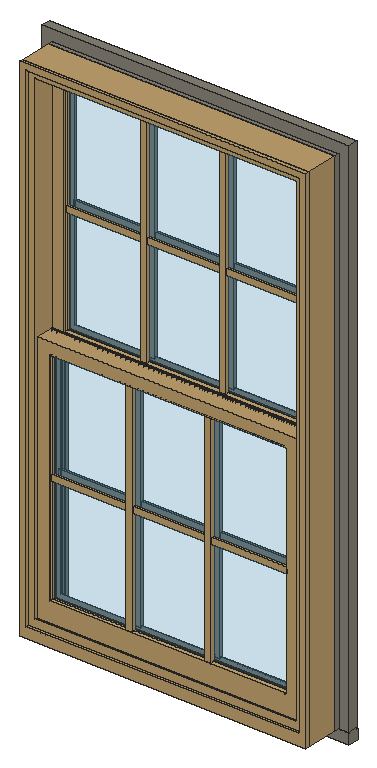
Revit family
Parameters (values of type "CUDH-NG3028")
  Window Type = "Clad Ultimate Double Hung-NG"
  Void Offset_S = if(Subsill A217 Visibility, 0' 1 11/32", if(Subsill A246 Visibility, 0' 0 9/16", 0' 0"))  # 0' - 1 11/32"
  Void Offset = if(Flat Casing Visibility, 0' 3", if(BMC Visibility, 0' 1 5/16", 0' 0"))  # 0' - 1 5/16"
  URL = "www.marvin.com"
  Subsill Height = if(Subsill A217 Visibility, 0' 1 11/32", 0' 0 9/16")  # 0' - 1 11/32"
  Subsill A246 Visibility = and(Subsill Visibility, Subsill A246)  # no
  Subsill A217 Visibility = and(Subsill Visibility, Subsill A217)  # yes
  Rough Width = Width + 0' 1"  # 3' - 0 1/4"
  Rough Height = Height + 0' 0 1/2"  # 5' - 4"
  Prairie Corner Width = 0' - 4"
  Prairie Corner Height = 0' - 4"
  Nominal Width = 3' - 0"
  Nominal Height = 5' - 4"
  Muntins Interior Top Sash = yes
  Muntins Interior Material = Wood-Marvin-Pine
  Muntins Interior Bottom Sash = yes
  Muntins Exterior Top Sash = yes
  Muntins Exterior Material = Aluminum-Marvin-Bronze
  Muntins Exterior Bottom Sash = yes
  Model = "CUDH-NG3028"
  Manufacturer = "Marvin Windows and Doors"
  Lites Wide Top Sash = 3
  Lites Wide Bottom Sash = 3
  Lites High Top Sash = 2
  Lites High Bottom Sash = 2
  Lite Cut Prairie 9 = no
  Lite Cut HV Grid = not(Lite Cut Prairie 9)  # yes
  Interior Material = Wood-Marvin-Pine
  Frame = "Aluminum Clad"
  Flat Casing Visibility = and(Casing Visibility, Flat Casing)  # no
  Egress Window = "Yes"
  Egress Area = Clear Opening Width * Clear Opening Height  # 5.85311 SF
  Clear Opening Width = DLO Width + 0' 2 29/32"  # 2' - 7 21/32"
  Clear Opening Height = if(and(Nominal Width > 4' 6", Nominal Height > 6' 0"), DLO Height - 0' 1 11/16", if(and(Nominal Width > 4' 6", Nominal Height > 3' 4"), DLO Height - 0' 0 3/8", if(Nominal Width > 4' 6", DLO Height - 0' 0 1/8", if(and(Nominal Width > 4' 2", Nominal Height > 6' 8"), DLO Height - 0' 1 11/16", if(and(Nominal Width > 4' 2", Nominal Height > 3' 8"), DLO Height - 0' 0 3/8", if(Nominal Width > 4' 2", DLO Height - 0' 0 1/8", if(and(Nominal Width > 3' 10", Nominal Height > 7' 4"), DLO Height - 0' 1 11/16", if(and(Nominal Width > 3' 10", Nominal Height > 4' 0"), DLO Height - 0' 0 3/8", if(Nominal Width > 3' 10", DLO Height - 0' 0 1/8", if(and(Nominal Width > 3' 6", Nominal Height > 7' 8"), DLO Height - 0' 1 11/16", if(and(Nominal Width > 3' 6", Nominal Height > 4' 8"), DLO Height - 0' 0 3/8", if(Nominal Width > 3' 6", DLO Height - 0' 0 1/8", if(and(Nominal Width > 3' 2", Nominal Height > 7' 8"), DLO Height - 0' 1 11/16", if(and(Nominal Width > 3' 2", Nominal Height > 5' 0"), DLO Height - 0' 0 3/8", if(Nominal Width > 3' 2", DLO Height - 0' 0 1/8", if(and(Nominal Width > 3' 0", Nominal Height > 9' 0"), DLO Height - 0' 1 11/16", if(and(Nominal Width > 3' 0", Nominal Height > 5' 8"), DLO Height - 0' 0 3/8", if(Nominal Width > 3' 0", DLO Height - 0' 0 1/8", if(and(Nominal Width > 2' 10", Nominal Height > 6' 0"), DLO Height - 0' 0 3/8", if(Nominal Width > 2' 10", DLO Height - 0' 0 1/8", if(and(Nominal Width > 2' 8", Nominal Height > 6' 4"), DLO Height - 0' 0 3/8", if(Nominal Width > 2' 8", DLO Height - 0' 0 1/8", if(and(Nominal Width > 2' 6", Nominal Height > 6' 8"), DLO Height - 0' 0 3/8", if(Nominal Width > 2' 6", DLO Height - 0' 0 1/8", if(and(Nominal Width > 2' 2", Nominal Height > 7' 4"), DLO Height - 0' 0 3/8", if(Nominal Width > 2' 2", DLO Height - 0' 0 1/8", if(and(Nominal Width > 1' 10", Nominal Height > 7' 8"), DLO Height - 0' 0 3/8", DLO Height - 0' 0 1/8")))))))))))))))))))))))))))  # 2' - 2 5/8"
  Cladding Material = Aluminum-Marvin-Bronze
  Casing Visibility = yes
  BMC Visibility = and(Casing Visibility, BMC)  # yes
  BMC = yes
  Flat Casing = not(BMC)  # no
  Subsill Visibility = yes
  Subsill A246 = no
  Subsill A217 = not(Subsill A246)  # yes
  Label Visibility = no
  Label Egress = if(and(and(Clear Opening Width > 1' 8", Clear Opening Height > 2' 0"), Egress Area > 5.70 SF), "EGRESS WDW", "")  # "EGRESS WDW"
  Jamb Extension Visibility = yes
  Inset to Installation Flange [instance] = 0' - 1"
  Height = Nominal Height - 0' 0 1/2"  # 5' - 3 1/2"
  Glazing Material = Glass-Marvin-IG Low E II with Argon
  Glass Type = "IG Low E II with Argon"
  Family created by = "www.rbuiltcomponents.com"
  Design Pressure = "DP50"
  Description = "3028 DBHG"
  Default Head Height = 8' - 0"
  Wall Closure = (empty or 0)
  Width = Nominal Width - 0' 0 3/4"  # 2' - 11 1/4"
  Daylight Area = DLO Width * DLO Height * 2  # 10.6814 SF
  DLO Width = Width - 0' 6 1/2"  # 2' - 4 3/4"
  DLO Height = (Height - 0' 10") / 2  # 2' - 2 3/4"
  Assembly Code = ""
Reference planes (in)
  plane 1 "Center (Front/Back)": y = 0
  plane 2: z = 0
  plane 3 "Center (Left/Right)": x = 0
  plane 4 "Left": x = -17.625
  plane 5 "Right": x = 17.625
  plane 6 "Sill": z = 32.5
  plane 7 "Top": z = 96
  plane 8 "Inset": y = 2
  plane 9 "Glazing 1": y = 1.4375
  plane 10 "Glazing 2": y = -0.8125
  plane 11 "Jamb Ext Face": y = -2.5625
  plane 12: z = 92.78125
  plane 13: x = 14.375
  plane 14: x = -14.375
  plane 15: z = 37.34375
  plane 16: z = 65.0625
  plane 17: z = 66.03125
  plane 18: z = 64.09375
  plane 19: y = -2.59375
  plane 20 "Void Offset": z = 97.3125
  plane 21 "Void Offset Sill": z = 31.15625
  plane 22: x = 18.9375
  plane 23: x = -18.9375
  plane 24: y = 0.46875
  plane 25: y = -1.78125
Forms (in)
  Sweep 1, solid, material "Aluminum-Marvin-Bronze" <- "Cladding Material"
    path origin (0, -0.8125, 0) x (1, 0, 0) y (0, 0, 1)
      loop
        line (17.03125, 32.5) -> (-17.03125, 32.5)
    profile "Clad Sill : Clad Sill" origin (0, -0.8125, 32.5) x (0, 0, -1) y (0, -1, 0)
      loop
        line (0, 0) -> (-1.56284, 0) -> (-0.80316, -3.04687) -> (-0.72218, -3.04687) -> (-0.59375, -3.90625) -> (0, -3.90625) -> (0, 0)
  Sweep 2, solid, material "Aluminum-Marvin-Bronze" <- "Cladding Material"
    path origin (0, 1.4375, 0) x (1, 0, 0) y (0, 0, 1)
      loop
        line (-17.625, 32.5) -> (-17.625, 96) -> (17.625, 96) -> (17.625, 32.5)
    profile "Clad Frame : Clad Frame" origin (-17.625, 1.4375, 64.25) x (-1, 0, 0) y (0, -1, 0)
      loop
        line (0, -1.65625) -> (0, 0) -> (-1.5, 0) -> (-1.5, -0.4375) -> (-1.78125, -0.4375) -> (-1.78125, -0.78125) -> (-0.9375, -0.78125) -> (-0.9375, -1.1875) -> (-0.66381, -1.1875) -> (-0.59375, -1.65625) -> (0, -1.65625)
  Sweep 3, solid, material "Wood-Marvin-Pine" <- "Interior Material"
    path origin (0, -0.8125, 0) x (1, 0, 0) y (0, 0, 1)
      loop
        line (16.125, 32.5) -> (-16.125, 32.5)
    profile "Sill interior : Sill interior" origin (0, -0.8125, 32.5) x (0, 0, -1) y (0, -1, 0)
      loop
        line (0, 0) -> (0, 1.75) -> (-2.22769, 1.75) -> (-2.22769, 1.5) -> (-1.6875, 1.5) -> (-1.6875, 0.5) -> (-1.56284, 0) -> (0, 0)
  Sweep 4, solid, material "Aluminum-Marvin-Bronze" <- "Cladding Material"
    path origin (0, 1.4375, 0) x (1, 0, 0) y (0, 0, 1)
      loop
        line (-14.375, 92.78125) -> (-14.375, 66.03125) -> (14.375, 66.03125) -> (14.375, 92.78125) -> (-14.375, 92.78125)
    profile "Clad Sash : Clad Sash" origin (-14.375, 1.4375, 79.40625) x (1, 0, 0) y (0, -1, 0)
      loop
        line (-1.65625, 0) -> (-1.65625, -0.34375) -> (-0.1875, -0.34375) -> (-0.1875, -0.19262) -> (0, -0.03595) -> (0, 0) -> (-1.65625, 0)
  Sweep 5, solid, material "Wood-Marvin-Pine" <- "Interior Material"
    path origin (0, 1.4375, 0) x (1, 0, 0) y (0, 0, 1)
      loop
        line (-14.375, 66.03125) -> (14.375, 66.03125) -> (14.375, 92.78125) -> (-14.375, 92.78125) -> (-14.375, 66.03125)
    profile "Sash 2 : Sash 2" origin (-14.375, 1.4375, 79.40625) x (-1, 0, 0) y (0, -1, 0)
      loop
        line (1.65625, 1.40625) -> (0.21901, 1.40625) -> (0.21901, 1.33933) -> (0, 1.12032) -> (0, 0.96875) -> (0.75, 0.96875) -> (0.75, 0) -> (1.65625, 0) -> (1.65625, 1.40625)
  Sweep 6, solid, material "Wood-Marvin-Pine" <- "Interior Material"
    path origin (0, -0.8125, 0) x (1, 0, 0) y (0, 0, 1)
      loop
        line (-14.375, 37.34375) -> (14.375, 37.34375) -> (14.375, 64.09375) -> (-14.375, 64.09375) -> (-14.375, 37.34375)
    profile "Sash 2 : Sash 2" origin (-14.375, -0.8125, 50.71875) x (-1, 0, 0) y (0, -1, 0)
      loop
        line (1.65625, 1.40625) -> (0.21901, 1.40625) -> (0.21901, 1.33933) -> (0, 1.12032) -> (0, 0.96875) -> (0.75, 0.96875) -> (0.75, 0) -> (1.65625, 0) -> (1.65625, 1.40625)
  Sweep 7, solid, material "Aluminum-Marvin-Bronze" <- "Cladding Material"
    path origin (0, -0.8125, 0) x (1, 0, 0) y (0, 0, 1)
      loop
        line (-14.375, 37.34375) -> (14.375, 37.34375) -> (14.375, 64.09375) -> (-14.375, 64.09375) -> (-14.375, 37.34375)
    profile "Clad Sash : Clad Sash" origin (-14.375, -0.8125, 50.71875) x (-1, 0, 0) y (0, -1, 0)
      loop
        line (1.65625, 0) -> (0, 0) -> (0, -0.03595) -> (0.1875, -0.19262) -> (0.1875, -0.34375) -> (1.65625, -0.34375) -> (1.65625, 0)
  Sweep 8, solid, material "Aluminum-Marvin-Bronze" <- "Cladding Material"
    path in 3D
      loop
        line (16.03125, -0.46875, 35.6875) -> (-16.03125, -0.46875, 35.6875)
    profile "Clad Sash bottom ext : Clad Sash bottom ext" origin (0, -0.46875, 35.6875) x (0, 1, 0) y (0, 0, -1)
      loop
        line (-0.34375, 1.28125) -> (-0.34375, 0) -> (0, 0) -> (0, 1.62985) -> (-0.25, 1.56752) -> (-0.25, 1.28125) -> (-0.34375, 1.28125)
  Sweep 9, solid, material "Wood-Marvin-Pine" <- "Interior Material"
    path in 3D
      loop
        line (16.03125, -0.8125, 35.6875) -> (-16.03125, -0.8125, 35.6875)
    profile "Sash bottom ext : Sash bottom ext" origin (0, -0.8125, 35.6875) x (0, 1, 0) y (0, 0, -1)
      loop
        line (-1.40625, 1.28125) -> (-1.40625, 0) -> (0, 0) -> (0, 1.28125) -> (-1.40625, 1.28125)
  Sweep 10, solid, material "Aluminum-Marvin-Bronze" <- "Cladding Material"
    path in 3D
      loop
        line (16.03125, 0.03125, 64.375) -> (-16.03125, 0.03125, 64.375)
    profile "Clad Checkrail : Clad Checkrail" origin (0, 0.03125, 64.375) x (0, 1, 0) y (0, 0, -1)
      loop
        line (-0.39063, -0.4375) -> (0, -0.4375) -> (0, 0) -> (1.75, 0) -> (1.75, 0.09375) -> (-0.39063, 0.09375) -> (-0.39063, -0.4375)
  Sweep 11, solid, material "Wood-Marvin-Pine" <- "Interior Material"
    path in 3D
      loop
        line (-16.03125, -0.46875, 65.75) -> (16.03125, -0.46875, 65.75)
    profile "Checkrail Inner : Checkrail Inner" origin (0, -0.46875, 65.75) x (0, 1, 0) y (0, 0, 1)
      loop
        line (0, -0.9375) -> (0.5, -0.9375) -> (0.5, 0.0625) -> (0.375, 0.0625) -> (0.375, 0) -> (0.28125, 0) -> (0.28125, 0.0625) -> (-1.75, 0.0625) -> (-1.75, 0) -> (0, 0) -> (0, -0.9375)
  Extrusion 12, solid, material "Wood-Marvin-Pine" <- "Interior Material"
    sketch origin (0, 1.4375, 0) x (1, 0, 0) y (0, 0, 1)
      loop
        line (17.625, 32.5) -> (17.625, 96) -> (-17.625, 96) -> (-17.625, 32.5) -> (-16.125, 32.5) -> (-16.125, 94.5) -> (16.125, 94.5) -> (16.125, 32.5) -> (17.625, 32.5)
    from 0 to 4
  Extrusion 13, solid, material "Glass-Marvin-IG Low E II with Argon" <- "Glazing Material"
    sketch origin (0, 1.4375, 0) x (1, 0, 0) y (0, 0, 1)
      loop
        line (14.875, 93.28125) -> (-14.875, 93.28125) -> (-14.875, 65.53125) -> (14.875, 65.53125) -> (14.875, 93.28125)
    from 0 to 0.15625
  Extrusion 14, solid, material "Glass-Marvin-IG Low E II with Argon" <- "Glazing Material"
    sketch origin (0, 1.4375, 0) x (1, 0, 0) y (0, 0, 1)
      loop
        line (14.875, 93.28125) -> (-14.875, 93.28125) -> (-14.875, 65.53125) -> (14.875, 65.53125) -> (14.875, 93.28125)
    from 0.8125 to 0.96875
  Extrusion 15, solid, material "Glass-Marvin-IG Low E II with Argon" <- "Glazing Material"
    sketch origin (0, -0.8125, 0) x (1, 0, 0) y (0, 0, 1)
      loop
        line (14.875, 64.59375) -> (-14.875, 64.59375) -> (-14.875, 36.84375) -> (14.875, 36.84375) -> (14.875, 64.59375)
    from 0 to 0.15625
  Extrusion 16, solid, material "Glass-Marvin-IG Low E II with Argon" <- "Glazing Material"
    sketch origin (0, -0.8125, 0) x (1, 0, 0) y (0, 0, 1)
      loop
        line (14.875, 64.59375) -> (-14.875, 64.59375) -> (-14.875, 36.84375) -> (14.875, 36.84375) -> (14.875, 64.59375)
    from 0.8125 to 0.96875
  Extrusion 17, solid, material "Wood-Marvin-Pine" <- "Interior Material", visible <- "Jamb Extension Visibility", detail levels medium+fine
    sketch origin (0, -2.3125, 0) x (1, 0, 0) y (0, 0, 1)
      loop
        line (-17.625, 96) -> (-17.625, 32.5) -> (17.625, 32.5) -> (17.625, 96) -> (-17.625, 96)
      loop
        line (-16.9375, 95.3125) -> (-16.9375, 33.8125) -> (16.9375, 33.8125) -> (16.9375, 95.3125) -> (-16.9375, 95.3125)
    from 0.28125 to 0.6875
  Extrusion 18, solid, material "Aluminum-Marvin-Bronze" <- "Cladding Material"
    sketch origin (0, 1.4375, 0) x (1, 0, 0) y (0, 0, 1)
      loop
        line (16.125, 65.0625) -> (16.07181, 65.0625) -> (16.07181, 33.24956) -> (16.125, 33.24956) -> (16.125, 65.0625)
      loop
        line (-16.125, 65.0625) -> (-16.125, 33.24956) -> (-16.07181, 33.24956) -> (-16.07181, 65.0625) -> (-16.125, 65.0625)
    from 0 to 2.25
  Extrusion 19, void
    sketch origin (0, 0, 32.5) x (0, -1, 0) y (1, 0, 0)
      loop
        line (-2, -17.625) -> (3, -17.625) -> (3, 17.625) -> (-2, 17.625) -> (-2, -17.625)
    from 63.5 to 0
  Extrusion 20, void
    sketch origin (0, 0, 32.5) x (0, -1, 0) y (1, 0, 0)
      loop
        line (-3.125, -18.9375) -> (-2, -18.9375) -> (-2, 18.9375) -> (-3.125, 18.9375) -> (-3.125, -18.9375)
    from 64.8125 to -1.34375
Cuts and joins
  joined: Sweep 1, Sweep 2, Extrusion 18
  joined: Sweep 7, Sweep 8
  joined: Sweep 5, Sweep 6, Sweep 9, Sweep 11
  joined: Sweep 4, Sweep 10
  joined: Sweep 3, Extrusion 12
Lines and regions (in)
  Masking region 1
    outline origin (0, 0, 32.5) x (0, -1, 0) y (1, 0, 0)
      loop
        line (-3.09375, -17.625) -> (2.5625, -17.625) -> (2.5625, 17.625) -> (-3.09375, 17.625) -> (-3.09375, -17.625)
  Masking region 2
    outline origin (0, 0, 0) x (0, 1, 0) y (0, 0, 1)
      loop
        line (3.09375, 96) -> (-2.5625, 96) -> (-2.5625, 32.5) -> (3.09375, 32.5) -> (3.09375, 96)
  Masking region 3, visible <- "Jamb Extension Visibility"
    outline origin (0, 0, 0) x (0, 1, 0) y (0, 0, 1)
      loop
        line (-2.59375, 96) -> (-3, 96) -> (-3, 32.5) -> (-2.59375, 32.5) -> (-2.59375, 96)
  Masking region 4, visible <- "Jamb Extension Visibility"
    outline origin (0, 0, 32.5) x (0, -1, 0) y (1, 0, 0)
      loop
        line (2.59375, -17.625) -> (3, -17.625) -> (3, 17.625) -> (2.59375, 17.625) -> (2.59375, -17.625)
  symbolic lines, style "Jamb Extension", visible <- "Jamb Extension Visibility", detail levels fine
    curve 1: line (-16.9375, -2.59375, 32.5) -> (-16.9375, -3, 32.5)
    curve 2: line (16.9375, -3, 32.5) -> (16.9375, -2.59375, 32.5)
    curve 3: line (0, -2.59375, 95.3125) -> (0, -3, 95.3125)
    curve 4: line (0, -2.59375, 33.816) -> (0, -3, 33.816)
    curve 51: line (-16.9375, -3, 0) -> (-17.625, -3, 0)
    curve 52: line (16.9375, -3, 0) -> (17.625, -3, 0)
    curve 57: line (0, -3, 33.816) -> (0, -3, 32.5)
    curve 58: line (0, -3, 95.3125) -> (0, -3, 96)
  symbolic lines, style "Jamb Extension", detail levels fine
    curve 5: line (0, -2.59375, 95.31314) -> (0, -2.59375, 96)
  symbolic lines, style "WindowsFrameMullionProjection", detail levels coarse+medium
    curve 6: line (-17.625, 3.09375, 32.5) -> (-16.125, 3.09375, 32.5)
    curve 7: line (-16.125, 3.09375, 32.5) -> (-16.125, -2.5625, 32.5)
    curve 8: line (-16.125, -2.5625, 32.5) -> (-17.625, -2.5625, 32.5)
    curve 9: line (17.625, 3.09375, 32.5) -> (16.125, 3.09375, 32.5)
    curve 10: line (16.125, 3.09375, 32.5) -> (16.125, -2.5625, 32.5)
    curve 11: line (16.125, -2.5625, 32.5) -> (17.625, -2.5625, 32.5)
    curve 12: line (-14.375, -0.46875, 32.5) -> (14.38, -0.46875, 32.5)
    curve 13: line (14.38, -0.46875, 32.5) -> (16.125, -0.46875, 32.5)
    curve 14: line (-14.375, -2.21875, 32.5) -> (14.38, -2.21875, 32.5)
    curve 15: line (14.38, -0.46875, 32.5) -> (14.38, -2.21875, 32.5)
    curve 16: line (14.38, -2.21875, 32.5) -> (16.125, -2.21875, 32.5)
    curve 17: line (-14.375, -0.46875, 32.5) -> (-16.125, -0.46875, 32.5)
    curve 18: line (-14.375, -0.46875, 32.5) -> (-14.375, -2.21875, 32.5)
    curve 19: line (-14.375, -2.21875, 32.5) -> (-16.125, -2.21875, 32.5)
    curve 20: line (0, 3.09375, 96) -> (0, 3.09375, 95.31314)
    curve 21: line (0, 3.09375, 95.31314) -> (0, -2.59375, 95.31314)
    curve 22: line (0, -2.5625, 95.31314) -> (0, -2.5625, 96)
    curve 23: line (0, 3.09375, 32.5) -> (0, 3.09375, 33.0889)
    curve 24: line (0, 3.09375, 33.0889) -> (0, -1.3125, 34.1875)
    curve 25: line (0, -2.5625, 34.1875) -> (0, -2.5625, 32.5)
    curve 26: line (0, -1.3125, 34.1875) -> (0, -2.5625, 34.1875)
    curve 27: line (0, -0.46875, 37.34375) -> (0, -0.46875, 64.09375)
    curve 28: line (0, -2.21875, 37.34375) -> (0, -2.21875, 64.09375)
    curve 29: line (0, -0.46875, 33.97713) -> (0, -0.46875, 37.34375)
    curve 30: line (0, -0.46875, 37.34375) -> (0, -2.21875, 37.34375)
    curve 31: line (0, -2.21875, 37.34375) -> (0, -2.21875, 34.1875)
    curve 32: line (0, -0.46875, 64.09375) -> (0, -0.46875, 64.28125)
    curve 33: line (0, -0.1875, 65.8125) -> (0, -2.21875, 65.8125)
    curve 34: line (0, -2.21875, 65.8125) -> (0, -2.21875, 64.09375)
    curve 35: line (0, -0.46875, 64.09375) -> (0, -2.21875, 64.09375)
    curve 37: line (0, 1.78125, 66.03125) -> (0, 1.78125, 92.78125)
    curve 38: line (0, 0.03125, 92.78125) -> (0, 0.03125, 66.03125)
    curve 39: line (0, 1.78125, 95.31314) -> (0, 1.78125, 92.78125)
    curve 40: line (0, 0.03125, 92.78125) -> (0, 0.03125, 95.31314)
    curve 41: line (0, 0.03125, 92.78125) -> (0, 1.78125, 92.78125)
    curve 42: line (0, 1.78125, 66.03125) -> (0, 0.03125, 66.03125)
    curve 43: line (0, 0.03125, 66.03125) -> (0, 0.03125, 65.81224)
    curve 44: line (0, -0.09375, 64.28125) -> (0, 1.78125, 64.28125)
    curve 45: line (0, 1.78125, 64.28125) -> (0, 1.78125, 66.03125)
    curve 47: line (0, -0.09375, 64.28125) -> (0, -0.09375, 65.81224)
    curve 48: line (0, -0.09375, 65.81224) -> (0, 0.03125, 65.81224)
    curve 49: line (0, -0.1875, 64.28125) -> (0, -0.1875, 65.8125)
    curve 50: line (0, -0.1875, 64.28125) -> (0, -0.46875, 64.28125)
    curve 68: line (0, 3.09375, 96) -> (0, -3, 96)
    curve 69: line (0, 3.09375, 32.5) -> (0, -3, 32.5)
    curve 70: line (-17.625, 3.09375, 32.5) -> (-17.625, -2.5625, 32.5)
    curve 71: line (17.625, 3.09375, 32.5) -> (17.625, -2.5625, 32.5)
  symbolic lines, style "WindowsGlassProjection", detail levels coarse+medium
    curve 36: line (0, -1.34375, 64.09375) -> (0, -1.34375, 37.34375)
    curve 46: line (0, 0.90625, 66.03125) -> (0, 0.90625, 92.78125)
    curve 67: line (-14.375, -1.34375, 32.5) -> (14.38, -1.34375, 32.5)
  symbolic lines, style "WindowsFrameMullionProjection", visible <- "Jamb Extension Visibility", detail levels coarse+medium
    curve 53: line (-17.625, -3, 0) -> (-16.9375, -3, 0)
    curve 54: line (-16.9375, -3, 0) -> (-16.9375, -2.59375, 0)
    curve 55: line (17.625, -3, 0) -> (16.9375, -3, 0)
    curve 56: line (16.9375, -3, 0) -> (16.9375, -2.59375, 0)
    curve 59: line (0, -2.59375, 33.8125) -> (0, -3, 33.8125)
    curve 60: line (0, -3, 33.8125) -> (0, -3, 32.5)
    curve 61: line (0, -2.59375, 95.3125) -> (0, -3, 95.3125)
    curve 62: line (0, -3, 95.3125) -> (0, -3, 96)
  sketch lines
    curve 63: line (16.03125, -0.46875, 35.6875) -> (-16.03125, -0.46875, 35.6875)
    curve 64: line (16.03125, -0.8125, 35.6875) -> (-16.03125, -0.8125, 35.6875)
    curve 65: line (-16.03125, -0.46875, 65.75) -> (16.03125, -0.46875, 65.75)
    curve 66: line (16.03125, 0.03125, 64.375) -> (-16.03125, 0.03125, 64.375)
Text (in)
  text "EXTERIOR" at (-58.6888, 50.90694, 0), in view "Ref. Level"
  text "INTERIOR" at (-58.6888, -37.76638, 0), in view "Ref. Level"
  text "Exterior" at (0, 43.65631, 123.19604), in view "Left"
  text "Exterior" at (0, 18.29385, 125.04747), in view "Right"
Dimensions and locks (in)
  equal spacing: plane 4 "Left", plane 3 "Center (Left/Right)", plane 5 "Right"
  "Width": plane 4 "Left" to plane 5 "Right"
  "Height": plane 6 "Sill" to plane 7 "Top"
  "Default Head Height": level to plane 7 "Top"
  "Inset to Installation Flange": host wall to plane 8 "Inset"
  locked: plane 9 "Glazing 1" to plane 8 "Inset" at 0.5625
  locked: plane 10 "Glazing 2" to plane 8 "Inset" at 2.8125
  locked: plane 11 "Jamb Ext Face" to plane 8 "Inset" at 4.5625
  locked: plane 12 to plane 7 "Top" at 3.21875
  locked: plane 6 "Sill" to plane 15 at 4.84375
  locked: plane 4 "Left" to plane 14 at 3.25
  locked: plane 13 to plane 5 "Right" at 3.25
  plane 18 to plane 16 to plane 17 = 0' - 0 31/32" locked, 0' - 0 31/32" locked
  locked: plane 13 to Extrusion 13 sketch curve at 0.5
  locked: Extrusion 13 sketch curve to plane 14 at 0.5
  locked: plane 12 to Extrusion 13 sketch curve at 0.5
  locked: Extrusion 13 sketch curve to plane 17 at 0.5
  locked: plane 13 to Extrusion 15 sketch curve at 0.5
  locked: plane 18 to Extrusion 15 sketch curve at 0.5
  locked: Extrusion 15 sketch curve to plane 15 at 0.5
  locked: Extrusion 15 sketch curve to plane 14 at 0.5
  locked: Sweep 1 sketch curve to plane 5 "Right" at 0.59375
  locked: plane 4 "Left" to Sweep 1 sketch curve at 0.59375
  locked: plane 4 "Left" to Extrusion 17 sketch curve at 0.6875
  locked: plane 7 "Top" to Extrusion 17 sketch curve at 0.6875
  locked: Extrusion 17 sketch curve to plane 6 "Sill" at 1.3125
  locked: Extrusion 17 sketch curve to plane 5 "Right" at 0.6875
  locked: Extrusion 12 sketch curve to plane 5 "Right" at 1.5
  locked: Extrusion 12 sketch curve to plane 4 "Left" at 1.5
  locked: Extrusion 12 sketch curve to plane 7 "Top" at 1.5
  locked: Extrusion 18 sketch curve to Extrusion 18 sketch curve at 0.05319  (x2)
  locked: plane 6 "Sill" to Extrusion 18 sketch curve at 0.74956  (x2)
  locked: nested 3 to host wall at 12
  locked: Extrusion 16 sketch curve to plane 18 at 0.5
  locked: plane 15 to Extrusion 16 sketch curve at 0.5
  locked: Extrusion 16 sketch curve to plane 14 at 0.5
  locked: plane 13 to Extrusion 16 sketch curve at 0.5
  locked: Extrusion 14 sketch curve to plane 12 at 0.5
  locked: plane 17 to Extrusion 14 sketch curve at 0.5
  locked: Extrusion 14 sketch curve to plane 14 at 0.5
  locked: plane 13 to Extrusion 14 sketch curve at 0.5
  locked: plane 19 to plane 11 "Jamb Ext Face" at 0.03125
  "Void Offset": plane 7 "Top" to plane 20 "Void Offset"
  "Void Offset_S": plane 21 "Void Offset Sill" to plane 6 "Sill"
  "Void Offset": plane 23 to plane 4 "Left"
  "Void Offset": plane 5 "Right" to plane 22
  locked: Extrusion 20 sketch curve to host wall at 0.125
  equal spacing: plane 15, plane 16, plane 12
  locked: plane 24 to plane 9 "Glazing 1" at 0.96875
  locked: plane 25 to plane 10 "Glazing 2" at 0.96875
  locked: Extrusion 14 to plane 24 at 0.15625
  locked: plane 9 "Glazing 1" to Extrusion 13 at 0.15625
  locked: plane 10 "Glazing 2" to Extrusion 15 at 0.15625
  locked: Extrusion 16 to plane 25 at 0.15625
  curve 47 to curve 49 to plane 10 "Glazing 2" = 0' - 0 3/32" locked, 0' - 0 5/8" locked
  aligned and locked: nested 1 to plane 3 "Center (Left/Right)"
  aligned and locked: plane 8 "Inset" to nested 1
  aligned and locked: plane 6 "Sill" to Sweep 1 sketch curve
  aligned and locked: plane 4 "Left" to Sweep 2 sketch curve
  aligned and locked: Sweep 2 sketch curve to plane 7 "Top"
  aligned and locked: Sweep 2 sketch curve to plane 5 "Right"
  aligned and locked: plane 6 "Sill" to Sweep 2 sketch curve  (x2)
  aligned and locked: plane 6 "Sill" to Sweep 3 sketch curve
  aligned and locked: Sweep 4 sketch curve to plane 14
  aligned and locked: plane 12 to Sweep 4 sketch curve
  aligned and locked: plane 13 to Sweep 4 sketch curve
  aligned and locked: plane 17 to Sweep 4 sketch curve
  aligned and locked: plane 14 to Sweep 5 sketch curve
  aligned and locked: Sweep 5 sketch curve to plane 12
  aligned and locked: Sweep 5 sketch curve to plane 13
  aligned and locked: Sweep 5 sketch curve to plane 17
  aligned and locked: plane 14 to Sweep 6 sketch curve
  aligned and locked: plane 18 to Sweep 6 sketch curve
  aligned and locked: Sweep 6 sketch curve to plane 13
  aligned and locked: plane 15 to Sweep 6 sketch curve
  aligned and locked: plane 14 to Sweep 7 sketch curve
  aligned and locked: plane 18 to Sweep 7 sketch curve
  aligned and locked: Sweep 7 sketch curve to plane 13
  aligned and locked: plane 15 to Sweep 7 sketch curve
  aligned and locked: plane 5 "Right" to Extrusion 12 sketch curve
  aligned and locked: Extrusion 12 sketch curve to plane 4 "Left"
  aligned and locked: plane 7 "Top" to Extrusion 12 sketch curve
  aligned and locked: plane 11 "Jamb Ext Face" to Extrusion 12
  aligned and locked: Extrusion 17 sketch curve to plane 4 "Left"
  aligned and locked: plane 7 "Top" to Extrusion 17 sketch curve
  aligned and locked: plane 5 "Right" to Extrusion 17 sketch curve
  aligned and locked: Extrusion 17 sketch curve to plane 6 "Sill"
  aligned and locked: host wall to Extrusion 17
  aligned and locked: Masking region 1 sketch curve to plane 4 "Left"
  aligned and locked: plane 5 "Right" to Masking region 1 sketch curve
  aligned and locked: plane 7 "Top" to Masking region 2 sketch curve
  aligned and locked: Masking region 2 sketch curve to plane 6 "Sill"
  aligned and locked: Extrusion 17 to curve 5
  aligned and locked: plane 6 "Sill" to nested 2
  aligned and locked: curve 44 to curve 50
  aligned and locked: plane 10 "Glazing 2" to Extrusion 18
  aligned and locked: Extrusion 12 sketch curve to plane 6 "Sill"  (x2)
  aligned and locked: Extrusion 12 to plane 9 "Glazing 1"
  aligned and locked: cut or joined group of Sweep 1, Sweep 2, Extrusion 18 to plane 9 "Glazing 1"
  aligned and locked: plane 11 "Jamb Ext Face" to curve 11
  aligned and locked: plane 14 to curve 18
  aligned and locked: host wall to curve 1
  aligned and locked: host wall to curve 2
  aligned and locked: curve 8 to plane 11 "Jamb Ext Face"
  aligned and locked: plane 4 "Left" to curve 53
  aligned and locked: host wall to curve 53
  aligned and locked: plane 5 "Right" to curve 55
  aligned and locked: curve 55 to host wall
  aligned and locked: host wall to curve 4
  aligned and locked: plane 6 "Sill" to curve 57
  aligned and locked: curve 60 to host wall
  aligned and locked: plane 7 "Top" to curve 58
  aligned and locked: host wall to curve 58
  aligned and locked: plane 7 "Top" to curve 22
  aligned and locked: plane 11 "Jamb Ext Face" to curve 22
  aligned and locked: plane 3 "Center (Left/Right)" to nested 3
  aligned and locked: Extrusion 15 to plane 10 "Glazing 2"
  aligned and locked: Extrusion 13 to plane 9 "Glazing 1"
  aligned and locked: Extrusion 17 to curve 3
  aligned and locked: Extrusion 17 to curve 1
  aligned and locked: Extrusion 17 to curve 54
  aligned and locked: Extrusion 17 to curve 2
  aligned and locked: Extrusion 17 to curve 56
  aligned and locked: curve 25 to plane 11 "Jamb Ext Face"
  aligned and locked: Extrusion 17 to curve 4
  aligned and locked: Extrusion 17 to curve 59
  aligned and locked: Extrusion 17 to plane 19
  aligned and locked: Masking region 2 sketch curve to plane 11 "Jamb Ext Face"
  aligned and locked: plane 7 "Top" to Masking region 3 sketch curve
  aligned and locked: Masking region 3 sketch curve to plane 6 "Sill"
  aligned and locked: plane 19 to Masking region 3 sketch curve
  aligned and locked: Masking region 3 sketch curve to host wall
  aligned and locked: Extrusion 17 to curve 61
  aligned and locked: Masking region 1 sketch curve to plane 11 "Jamb Ext Face"
  aligned and locked: Masking region 4 sketch curve to plane 4 "Left"
  aligned and locked: plane 5 "Right" to Masking region 4 sketch curve
  aligned and locked: plane 19 to Masking region 4 sketch curve
  aligned and locked: Masking region 4 sketch curve to host wall
  aligned and locked: Extrusion 19 sketch curve to host wall
  aligned and locked: Extrusion 19 sketch curve to plane 4 "Left"
  aligned and locked: plane 5 "Right" to Extrusion 19 sketch curve
  aligned and locked: plane 8 "Inset" to Extrusion 19 sketch curve
  aligned and locked: Extrusion 19 to plane 7 "Top"
  aligned and locked: plane 6 "Sill" to Extrusion 19
  aligned and locked: Extrusion 20 sketch curve to plane 23
  aligned and locked: plane 22 to Extrusion 20 sketch curve
  aligned and locked: Extrusion 20 sketch curve to plane 8 "Inset"
  aligned and locked: Extrusion 20 to plane 20 "Void Offset"
  aligned and locked: plane 21 "Void Offset Sill" to Extrusion 20
  aligned and locked: plane 3 "Center (Left/Right)" to nested 4
  aligned and locked: plane 8 "Inset" to nested 4
  aligned and locked: nested 4 to plane 6 "Sill"
  aligned and locked: Extrusion 18 sketch curve to plane 16
  aligned and locked: plane 16 to Extrusion 18 sketch curve
  aligned and locked: nested 6 to plane 18
  aligned and locked: plane 12 to nested 7
  aligned and locked: plane 12 to nested 8
  aligned and locked: nested 5 to plane 18
  aligned and locked: curve 26 to Sweep 3
  aligned and locked: curve 33 to nested 2
  aligned and locked: nested 2 to curve 44
  aligned and locked: curve 48 to nested 2
  aligned and locked: curve 21 to nested 2
  aligned and locked: plane 24 to Extrusion 14
  aligned and locked: plane 25 to Extrusion 16
  aligned and locked: curve 7 to nested 1
  aligned and locked: curve 17 to nested 1
  aligned and locked: curve 19 to nested 1
  aligned and locked: curve 10 to nested 1
  aligned and locked: curve 6 to nested 1
  aligned and locked: curve 9 to nested 1
  aligned and locked: curve 1 to Extrusion 17
  aligned and locked: curve 54 to Extrusion 17
  aligned and locked: curve 2 to Extrusion 17
  aligned and locked: curve 56 to Extrusion 17
  aligned and locked: Masking region 1 sketch curve to cut or joined group of Sweep 1, Sweep 2, Extrusion 18
  aligned and locked: Masking region 2 sketch curve to cut or joined group of Sweep 1, Sweep 2, Extrusion 18
  aligned and locked: curve 20 to cut or joined group of Sweep 1, Sweep 2, Extrusion 18
  aligned and locked: curve 23 to cut or joined group of Sweep 1, Sweep 2, Extrusion 18
  aligned and locked: curve 43 to cut or joined group of Sweep 5, Sweep 6, Sweep 9, Sweep 11
  aligned and locked: nested 2 to plane 8 "Inset"
  aligned and locked: plane 6 "Sill" to curve 69
  aligned and locked: plane 4 "Left" to curve 70
  aligned and locked: plane 5 "Right" to curve 71
  aligned and locked: plane 9 "Glazing 1" to nested 7
  aligned and locked: nested 8 to plane 24
  aligned and locked: plane 10 "Glazing 2" to nested 6
  aligned and locked: nested 5 to plane 25
Automatic sketch dimensions
  Sweep 3 sketch curve to plane 4 "Left" = 0' - 1 1/2"
  Extrusion 18 sketch curve to plane 4 "Left" = 0' - 1.55319"
  plane 5 "Right" to Sweep 3 sketch curve = 0' - 1 1/2"
  plane 5 "Right" to Extrusion 18 sketch curve = 0' - 1.55319"
  curve 51 to plane 4 "Left" = 0' - 0"
  curve 52 to plane 5 "Right" = 0' - 0"
  curve 67 to plane 25 = 0' - 0 7/16"
  curve 12 to plane 13 = 0' - 0.005"
  curve 30 to plane 15 = 0' - 0"
  curve 28 to plane 18 = 0' - 0"
  curve 46 to plane 17 = 0' - 0"
  curve 46 to plane 12 = 0' - 0"
  curve 30 to plane 11 "Jamb Ext Face" = 0' - 0 11/32"
  curve 36 to plane 25 = 0' - 0 7/16"
  curve 24 to plane 25 = 0' - 0 15/32"
  curve 35 to curve 49 = 0' - 0 9/32"
  curve 46 to plane 24 = 0' - 0 7/16"
  plane 8 "Inset" to curve 45 = 0' - 0 7/32"
  curve 23 to plane 6 "Sill" = 0' - 0.5889"
  curve 60 to curve 25 = 0' - 0 3/8"
  curve 59 to curve 4 = 0' - 0.0035"
  plane 18 to curve 47 = 0' - 0 3/16"
  curve 48 to plane 17 = 0' - 0.21901"
  curve 47 to curve 33 = 0' - 0.00026"
  curve 3 to curve 22 = 0' - 0.00064"
Nested families (in)
  nested 1: "Double_Hung_Plan_Detail" at (0, 2, 32.5) x (-1, 0, 0) z (0, 0, -1), type "Double_Hung_Plan_Detail", detail levels fine
    with Width 2' - 11 1/4"
  nested 2: "Double_Hung_Section_Detail" at (0, 2, 64.25) x (0, 1, 0) z (1, 0, 0), type "Double_Hung_Section_Detail", detail levels fine
  nested 3: "Label Annotation 1-16 w" at (0, 15, 0), visible <- "Label Visibility", type "Label Annotation 1-16 w"
  nested 4: "Casing_Clad" at (0, 2, 32.5), type "Casing_Clad"
    with Width 2' - 11 1/4", Height 5' - 3 1/2"
  nested 5: "Muntins" at (0, -1.78125, 1.34375) x (-1, 0, 0) z (0, 0, 1), Muntin Material <- "Muntins Interior Material", visible <- "Muntins Interior Bottom Sash", type "Muntins 2"
    with MuntinDepth 0' - 0 5/16", Muntin Material Wood-Marvin-Pine, GlazingWidth 2' - 4 3/4", GlazingHeight 2' - 2 3/4", Width 2' - 5 3/16", LitesVertical 2, HorizMuntVisible no, Height 2' - 3 3/16", Inset Vert 0' - 9.35417", Inset Horiz 0' - 8 11/16", CenterMuntinHorizontal yes
  nested 6: "Muntins" at (0, -0.8125, 1.34375), Muntin Material <- "Muntins Exterior Material", visible <- "Muntins Exterior Bottom Sash", type "Muntins 2"
    with MuntinDepth 0' - 0 5/16", Muntin Material Aluminum-Marvin-Bronze, GlazingWidth 2' - 4 3/4", GlazingHeight 2' - 2 3/4", Width 2' - 5 3/16", LitesVertical 2, HorizMuntVisible no, Height 2' - 3 3/16", Inset Vert 0' - 9.35417", Inset Horiz 0' - 8 11/16", CenterMuntinHorizontal yes
  nested 7: "Muntins" at (0, 1.4375, 30.03125), Muntin Material <- "Muntins Exterior Material", visible <- "Muntins Exterior Top Sash", type "Muntins"
    with MuntinDepth 0' - 0 5/16", Muntin Material Aluminum-Marvin-Bronze, GlazingWidth 2' - 4 3/4", GlazingHeight 2' - 2 3/4", Width 2' - 5 3/16", LitesVertical 2, HorizMuntVisible no, Height 2' - 3 3/16", Inset Vert 0' - 9.35417", Inset Horiz 0' - 8 11/16", CenterMuntinHorizontal yes
  nested 8: "Muntins" at (0, 0.46875, 30.03125) x (-1, 0, 0) z (0, 0, 1), Muntin Material <- "Muntins Interior Material", visible <- "Muntins Interior Top Sash", type "Muntins"
    with MuntinDepth 0' - 0 5/16", Muntin Material Wood-Marvin-Pine, GlazingWidth 2' - 4 3/4", GlazingHeight 2' - 2 3/4", Width 2' - 5 3/16", LitesVertical 2, HorizMuntVisible no, Height 2' - 3 3/16", Inset Vert 0' - 9.35417", Inset Horiz 0' - 8 11/16", CenterMuntinHorizontal yes
Definition of nested family "Casing_Clad"
  Parameters (values of type "Casing_Clad")
    Width = 16' - 0"
    Subsill Visibility = yes
    Subsill Offset = if(Flat Casing Visibility, 0' 3", if(BMC Visibility, 0' 1 5/16", 0' 0"))  # 0' - 1 5/16"
    Subsill Height = 0' - 1 11/32"
    Height = 12' - 0"
    Flat Casing Visibility = no
    Cladding Finish = Aluminum-Marvin-Bronze
    Casing Offset = if(BMC Visibility, 0' 0 3/16", 0' 0")  # 0' - 0 3/16"
    BMC Visibility = yes
    Assembly Code = ""
  Reference planes (in)
    plane 1 "Center (Front/Back)": y = 0
    plane 2: z = 0
    plane 3 "Center (Left/Right)": x = 0
    plane 4: z = 144
    plane 5: x = -96
    plane 6: x = 96
    plane 7 "Subsill": z = -1.34375
    plane 8 "Offset S": z = -0.1875
  Forms (in)
    Sweep 1, solid, material "Aluminum-Marvin-Bronze" <- "Cladding Finish", visible <- "BMC Visibility"
      path origin (0, 0, 0) x (1, 0, 0) y (0, 0, 1)
        loop
          line (-96, -0.1875) -> (-96, 144) -> (96, 144) -> (96, -0.1875)
      profile "BMC_Clad : BMC_Clad" origin (96, 0, 71.90625) x (1, 0, 0) y (0, -1, 0)
        loop
          line (0.71589, -1.25) -> (1.3125, -1.25) -> (1.3125, 0) -> (0, 0) -> (0, -1.09375) -> (0.38081, -1.09375) -> (0.71589, -1.25)
    Sweep 2, solid, material "Aluminum-Marvin-Bronze" <- "Cladding Finish", visible <- "Flat Casing Visibility"
      path origin (0, 0, 0) x (1, 0, 0) y (0, 0, 1)
        loop
          line (-96, 0) -> (-96, 144) -> (96, 144) -> (96, 0)
      profile "Flat_Casing_Clad : Flat_Casing_Clad" origin (96, 0, 72) x (1, 0, 0) y (0, -1, 0)
        loop
          line (3, -1.09375) -> (3, 0) -> (0, 0) -> (0, -1.09375) -> (3, -1.09375)
    Sweep 3, solid, material "Aluminum-Marvin-Bronze" <- "Cladding Finish", visible <- "Subsill Visibility"
      path origin (0, 0, 0) x (1, 0, 0) y (0, 0, 1)
        loop
          line (-97.3125, 0) -> (97.3125, 0)
      profile origin (0, 0, 0) x (0, 0, 1) y (0, -1, 0)
        loop
          line (0, 0) -> (-1.34375, 0) -> (-1.34375, -1.34375) -> (-0.1875, -1.34375) -> (-0.15265, -1.09401) -> (0, -1.09401) -> (0, 0)
  Lines and regions (in)
    Masking region 1, visible <- "Flat Casing Visibility"
      outline origin (0, 0, 0) x (1, 0, 0) y (0, 1, 0)
        loop
          line (-96, 0) -> (-96, 1.09375) -> (-99, 1.09375) -> (-99, 0) -> (-96, 0)
    Masking region 2, visible <- "Flat Casing Visibility"
      outline origin (0, 0, 0) x (0, 1, 0) y (-1, 0, 0)
        loop
          line (0, -96) -> (0, -99) -> (1.09375, -99) -> (1.09375, -96) -> (0, -96)
    Masking region 3, visible <- "BMC Visibility"
      outline origin (0, 0, 0) x (1, 0, 0) y (0, 1, 0)
        loop
          line (96, 1.09375) -> (96, 0) -> (97.3125, 0) -> (97.3125, 1.25) -> (96.71589, 1.25) -> (96.38081, 1.09375) -> (96, 1.09375)
    Masking region 4, visible <- "BMC Visibility"
      outline origin (0, 0, 0) x (0, 1, 0) y (-1, 0, 0)
        loop
          line (1.09375, 96) -> (1.09375, 96.38081) -> (1.25, 96.71589) -> (1.25, 97.3125) -> (0, 97.3125) -> (0, 96) -> (1.09375, 96)
    Masking region 5, visible <- "Flat Casing Visibility"
      outline origin (0, 0, 0) x (0, 1, 0) y (0, 0, 1)
        loop
          line (1.09375, 147) -> (0, 147) -> (0, 144) -> (1.09375, 144) -> (1.09375, 147)
    Masking region 6, visible <- "BMC Visibility"
      outline origin (0, 0, 0) x (0, 1, 0) y (0, 0, 1)
        loop
          line (1.25, 145.3125) -> (0, 145.3125) -> (0, 144) -> (1.09375, 144) -> (1.09375, 144.38081) -> (1.25, 144.71589) -> (1.25, 145.3125)
    Masking region 7, visible <- "Subsill Visibility"
      outline origin (0, 0, 0) x (0, 1, 0) y (0, 0, 1)
        loop
          line (1.34375, -0.1875) -> (1.09401, -0.15265) -> (1.09401, 0) -> (0, 0) -> (0, -1.34375) -> (1.34375, -1.34375) -> (1.34375, -0.1875)
    symbolic lines, style "Frame/Mullion", visible <- "BMC Visibility", detail levels coarse+medium
      curve 1: line (-96.71589, 1.25, 0) -> (-97.3125, 1.25, 0)
      curve 2: line (-96.38081, 1.09375, 0) -> (-96.71589, 1.25, 0)
      curve 3: line (-96, 1.09375, 0) -> (-96.38081, 1.09375, 0)
      curve 4: line (-97.3125, 1.25, 0) -> (-97.3125, 0, 0)
      curve 9: line (97.3125, 0, 0) -> (97.3125, 1.25, 0)
      curve 10: line (97.3125, 1.25, 0) -> (96.71589, 1.25, 0)
      curve 11: line (96.71589, 1.25, 0) -> (96.38081, 1.09375, 0)
      curve 12: line (96.38081, 1.09375, 0) -> (96, 1.09375, 0)
      curve 19: line (0, 1.25, 145.3125) -> (0, 0, 145.3125)
      curve 20: line (0, 1.25, 144.71589) -> (0, 1.25, 145.3125)
      curve 21: line (0, 1.09375, 144.38081) -> (0, 1.25, 144.71589)
      curve 22: line (0, 1.09375, 144) -> (0, 1.09375, 144.38081)
    symbolic lines, style "Frame/Mullion", visible <- "Flat Casing Visibility", detail levels coarse+medium
      curve 5: line (-99, 1.09375, 0) -> (-99, 0, 0)
      curve 6: line (-96, 1.09375, 0) -> (-99, 1.09375, 0)
      curve 7: line (99, 0, 0) -> (99, 1.09375, 0)
      curve 8: line (99, 1.09375, 0) -> (96, 1.09375, 0)
      curve 17: line (0, 1.09375, 147) -> (0, 0, 147)
      curve 18: line (0, 1.09375, 144) -> (0, 1.09375, 147)
    symbolic lines, style "Frame/Mullion", visible <- "Subsill Visibility", detail levels coarse+medium
      curve 13: line (0, 1.09401, -0.15265) -> (0, 1.09401, 0)
      curve 14: line (0, 1.34375, -0.1875) -> (0, 1.09401, -0.15265)
      curve 15: line (0, 1.34375, -1.34375) -> (0, 1.34375, -0.1875)
      curve 16: line (0, 0, -1.34375) -> (0, 1.34375, -1.34375)
  Dimensions and locks (in)
    "Width": plane 6 to plane 5
    equal spacing: plane 6, plane 3 "Center (Left/Right)", plane 5
    "Height": plane 4 to plane 2
    "Casing Offset": level to plane 8 "Offset S"
    "Subsill Height": level to plane 7 "Subsill"
    locked: Sweep 3 sketch curve to Sweep 3 sketch curve at 1.34375
    locked: Sweep 3 sketch curve to profile plane at 0.1875
    "Subsill Offset": plane 5 to Sweep 3 sketch curve
    "Subsill Offset": Sweep 3 sketch curve to plane 6
    locked: curve 17 to plane 4 at 3
    locked: curve 18 to plane 1 "Center (Front/Back)" at 1.09375
    locked: curve 19 to plane 4 at 1.3125
    curve 21 to curve 22 to plane 4 = 0' - 0.33508" locked, 0' - 0.38081" locked
    locked: curve 20 to plane 1 "Center (Front/Back)" at 1.25
    aligned and locked: plane 4 to Sweep 1 sketch curve
    aligned and locked: plane 5 to Sweep 1 sketch curve
    aligned and locked: plane 4 to Sweep 2 sketch curve
    aligned and locked: plane 5 to Sweep 2 sketch curve
    aligned and locked: Masking region 1 sketch curve to Sweep 1
    aligned and locked: Masking region 1 sketch curve to plane 1 "Center (Front/Back)"
    aligned and locked: Sweep 2 to Masking region 1 sketch curve
    aligned and locked: Masking region 1 sketch curve to Sweep 2
    aligned and locked: Masking region 2 sketch curve to Sweep 2  (x3)
    aligned and locked: Sweep 2 to Masking region 2 sketch curve
    aligned and locked: Masking region 3 sketch curve to Sweep 2
    aligned and locked: Masking region 3 sketch curve to Sweep 1  (x4)
    aligned and locked: Sweep 1 to Masking region 3 sketch curve
    aligned and locked: Masking region 4 sketch curve to Sweep 2
    aligned and locked: Masking region 4 sketch curve to Sweep 1  (x5)
    aligned and locked: Masking region 5 sketch curve to Sweep 2  (x2)
    aligned and locked: Sweep 1 to Masking region 5 sketch curve
    aligned and locked: Masking region 5 sketch curve to Sweep 1
    aligned and locked: Masking region 6 sketch curve to Sweep 1  (x6)
    aligned and locked: Masking region 2 to curve 8
    aligned and locked: Masking region 3 to curve 10
    aligned and locked: Masking region 3 to curve 12
    aligned and locked: Sweep 2 sketch curve to plane 6
    aligned and locked: Sweep 1 sketch curve to plane 6
    aligned and locked: curve 5 to Sweep 2
    aligned and locked: curve 4 to Sweep 1
    aligned and locked: Sweep 1 to curve 1
    aligned and locked: curve 2 to Sweep 1
    aligned and locked: Sweep 1 to curve 3
    aligned and locked: curve 7 to Sweep 2
    aligned and locked: curve 9 to Sweep 1
    aligned and locked: curve 11 to Sweep 1
    aligned and locked: plane 8 "Offset S" to Sweep 1 sketch curve  (x2)
    aligned and locked: Sweep 3 sketch curve to plane 2
    aligned and locked: plane 7 "Subsill" to Sweep 3 sketch curve
    aligned and locked: plane 2 to Sweep 2 sketch curve  (x2)
    aligned and locked: Masking region 7 sketch curve to Sweep 3  (x5)
    aligned and locked: Masking region 7 sketch curve to Sweep 2
    aligned and locked: curve 13 to Sweep 3
    aligned and locked: curve 14 to Sweep 3
    aligned and locked: curve 15 to Sweep 3
    aligned and locked: curve 16 to Sweep 3
    aligned and locked: Masking region 6 to curve 22
  Automatic sketch dimensions
    curve 4 to plane 1 "Center (Front/Back)" = 0' - 0"
    curve 5 to plane 1 "Center (Front/Back)" = 0' - 0"
    curve 7 to plane 1 "Center (Front/Back)" = 0' - 0"
    curve 9 to plane 1 "Center (Front/Back)" = 0' - 0"
    plane 5 to curve 6 = 0' - 0"
    curve 12 to plane 6 = 0' - 0"
    Sweep 3 sketch curve to Sweep 3 sketch curve = 0' - 0.03485"
    Sweep 3 sketch curve to Sweep 3 sketch curve = 0' - 0.15265"
    Sweep 3 sketch curve to plane 1 "Center (Front/Back)" = 0' - 1 11/32"
    Sweep 3 sketch curve to Sweep 3 sketch curve = 0' - 0.24974"
    curve 13 to level = 0' - 0"
    curve 16 to plane 1 "Center (Front/Back)" = 0' - 0"
    curve 17 to plane 1 "Center (Front/Back)" = 0' - 0"
    curve 19 to plane 1 "Center (Front/Back)" = 0' - 0"
    plane 4 to curve 22 = 0' - 0"
    curve 18 to curve 22 = 0' - 0"
Definition of nested family "Muntins"
  Parameters (values of type "Muntins")
    PrairieMuntVisible = no
    Prairie Corner Width = 0' - 4"
    Prairie Corner Height = 0' - 4"
    Muntin Extension = 0' - 0 7/16"
    GridMuntVisible = yes
    GlazingWidth = 2' - 0"
    GlazingHeight = 2' - 11 1/8"
    Width = GlazingWidth + Muntin Extension  # 2' - 0 7/16"
    VerticalMuntins = if(LitesHorizontal < 3, 2, LitesHorizontal - 1)  # 2
    VertMuntVisible = and(GridMuntVisible, LitesHorizontal > 2)  # yes
    MuntinWidth = 0' - 0 3/4"
    MuntinDepth [instance] = 0' - 0 3/8"
    Muntin Material [instance] = none
    LitesVertical = 3
    LitesHorizontal = 3
    HorizontalMuntins = if(LitesVertical < 3, 2, LitesVertical - 1)  # 2
    HorizMuntVisible = and(GridMuntVisible, LitesVertical > 2)  # yes
    Height = GlazingHeight + Muntin Extension  # 2' - 11 9/16"
    Inset Vert = if(LitesHorizontal < 3, (Width / 3) - (MuntinWidth / 2), (Width / LitesHorizontal) - (MuntinWidth / 2))  # 0' - 7.77083"
    Inset Horiz = if(LitesVertical < 3, (Height / 3) - (MuntinWidth / 2), (Height / LitesVertical) - (MuntinWidth / 2))  # 0' - 11.47917"
    CenterMuntinVertical = and(GridMuntVisible, LitesHorizontal = 2)  # no
    CenterMuntinHorizontal = and(GridMuntVisible, LitesVertical = 2)  # no
    Assembly Code = ""
  Reference planes (in)
    plane 1 "Center (Front/Back)": y = 0
    plane 2: z = 0
    plane 3 "Center (Left/Right)": x = 0
    plane 4: z = 35.78125
    plane 5: z = 53.5625
    plane 6: z = 71.34375
    plane 7: z = 59.86458
    plane 8: z = 47.26042
    plane 9: z = 71.125
    plane 10: z = 36
    plane 11: x = -12
    plane 12: x = 12
    plane 13: x = -4.44792
    plane 14: x = -12.21875
    plane 15: x = 12.21875
    plane 16: x = 4.44792
    plane 17: z = 67.125
    plane 18: z = 40
    plane 19: x = -8
    plane 20: x = 8
  Forms (in)
    Extrusion 1, solid, material <- "Muntin Material", visible <- "CenterMuntinVertical", detail levels medium+fine
      sketch origin (9, 0, 0) x (1, 0, 0) y (0, 0, 1)
        loop
          line (-9.375, 71.34375) -> (-9.375, 35.78125) -> (-8.625, 35.78125) -> (-8.625, 71.34375) -> (-9.375, 71.34375)
      from 0 to 0.375 <- "MuntinDepth"
    Extrusion 2, solid, material <- "Muntin Material", visible <- "CenterMuntinHorizontal", detail levels medium+fine
      sketch origin (-0.0013, 0, 14.6875) x (1, 0, 0) y (0, 0, 1)
        loop
          line (-12.21745, 39.25) -> (-12.21745, 38.5) -> (12.22005, 38.5) -> (12.22005, 39.25) -> (-12.21745, 39.25)
      from 0 to 0.375 <- "MuntinDepth"
    Extrusion 3, solid, material <- "Muntin Material", visible <- "VertMuntVisible", detail levels medium+fine
      sketch origin (4.92708, 0, -2.90625) x (1, 0, 0) y (0, 0, 1)
        loop
          line (-9.375, 74.25) -> (-9.375, 38.6875) -> (-8.625, 38.6875) -> (-8.625, 74.25) -> (-9.375, 74.25)
      from 0 to 0.375 <- "MuntinDepth"
    Extrusion 4, solid, material <- "Muntin Material", visible <- "HorizMuntVisible", detail levels medium+fine
      sketch origin (-3.09635, 0, 14.17708) x (1, 0, 0) y (0, 0, 1)
        loop
          line (-9.1224, 45.6875) -> (-9.1224, 44.9375) -> (15.3151, 44.9375) -> (15.3151, 45.6875) -> (-9.1224, 45.6875)
      from 0 to 0.375 <- "MuntinDepth"
    Extrusion 5, solid, material <- "Muntin Material", visible <- "HorizMuntVisible", detail levels medium+fine
      sketch origin (-3.09635, 0, 2.32292) x (1, 0, 0) y (0, 0, 1)
        loop
          line (-9.1224, 45.6875) -> (-9.1224, 44.9375) -> (15.3151, 44.9375) -> (15.3151, 45.6875) -> (-9.1224, 45.6875)
      from 0 to 0.375 <- "MuntinDepth"
    Extrusion 6, solid, material <- "Muntin Material", visible <- "VertMuntVisible", detail levels medium+fine
      sketch origin (13.07292, 0, -2.90625) x (1, 0, 0) y (0, 0, 1)
        loop
          line (-9.375, 74.25) -> (-9.375, 38.6875) -> (-8.625, 38.6875) -> (-8.625, 74.25) -> (-9.375, 74.25)
      from 0 to 0.375 <- "MuntinDepth"
    Extrusion 7, solid, material <- "Muntin Material", visible <- "PrairieMuntVisible", detail levels medium+fine
      sketch origin (1, 0, 0) x (1, 0, 0) y (0, 0, 1)
        loop
          line (-9, 71.34375) -> (-9, 35.78125) -> (-8.25, 35.78125) -> (-8.25, 71.34375) -> (-9, 71.34375)
      from 0 to 0.375 <- "MuntinDepth"
    Extrusion 8, solid, material <- "Muntin Material", visible <- "PrairieMuntVisible", detail levels medium+fine
      sketch origin (17, 0, 0) x (1, 0, 0) y (0, 0, 1)
        loop
          line (-9.75, 71.34375) -> (-9.75, 35.78125) -> (-9, 35.78125) -> (-9, 71.34375) -> (-9.75, 71.34375)
      from 0 to 0.375 <- "MuntinDepth"
    Extrusion 9, solid, material <- "Muntin Material", visible <- "PrairieMuntVisible", detail levels medium+fine
      sketch origin (-0.0013, 0, 28.25) x (1, 0, 0) y (0, 0, 1)
        loop
          line (-12.21745, 38.875) -> (-12.21745, 38.125) -> (12.22005, 38.125) -> (12.22005, 38.875) -> (-12.21745, 38.875)
      from 0 to 0.375 <- "MuntinDepth"
    Extrusion 10, solid, material <- "Muntin Material", visible <- "PrairieMuntVisible", detail levels medium+fine
      sketch origin (-0.0013, 0, 1.125) x (1, 0, 0) y (0, 0, 1)
        loop
          line (-12.21745, 39.625) -> (-12.21745, 38.875) -> (12.22005, 38.875) -> (12.22005, 39.625) -> (-12.21745, 39.625)
      from 0 to 0.375 <- "MuntinDepth"
  Cuts and joins
    joined: Extrusion 7, Extrusion 8, Extrusion 9, Extrusion 10
  Lines and regions (in)
    model lines, style "Muntins", visible <- "CenterMuntinHorizontal", detail levels coarse
      curve 1: line (-12.21875, 0, 53.5625) -> (12.21875, 0, 53.5625)
    model lines, style "Muntins", visible <- "HorizMuntVisible", detail levels coarse
      curve 2: line (-12.21875, 0, 59.48958) -> (12.21875, 0, 59.48958)
      curve 3: line (-12.21875, 0, 47.63542) -> (12.21875, 0, 47.63542)
    model lines, style "Muntins", visible <- "CenterMuntinVertical", detail levels coarse
      curve 4: line (0, 0, 71.34375) -> (0, 0, 35.78125)
    model lines, style "Muntins", visible <- "VertMuntVisible", detail levels coarse
      curve 5: line (-4.07292, 0, 71.34375) -> (-4.07292, 0, 35.78125)
      curve 6: line (4.07292, 0, 71.34375) -> (4.07292, 0, 35.78125)
    model lines, style "Muntins", visible <- "PrairieMuntVisible", detail levels coarse
      curve 7: line (-12.21875, 0, 66.75) -> (12.21875, 0, 66.75)
      curve 8: line (-12.21875, 0, 40.375) -> (12.21875, 0, 40.375)
      curve 9: line (-7.625, 0, 35.78125) -> (-7.625, 0, 71.34375)
      curve 10: line (7.625, 0, 35.78125) -> (7.625, 0, 71.34375)
  Dimensions and locks (in)
    "Inset Horiz": plane 6 to plane 7
    "Inset Horiz": plane 8 to plane 4
    equal spacing: plane 6, plane 5, plane 4
    "Height": plane 6 to plane 4
    "GlazingHeight": plane 9 to plane 10
    equal spacing: plane 9, plane 5, plane 10
    "GlazingWidth": plane 12 to plane 11
    equal spacing: plane 12, plane 3 "Center (Left/Right)", plane 11
    "MuntinWidth": Extrusion 1 sketch curve to Extrusion 1 sketch curve
    "Height": Extrusion 1 sketch curve to Extrusion 1 sketch curve
    "MuntinWidth": Extrusion 2 sketch curve to Extrusion 2 sketch curve
    "Width": Extrusion 2 sketch curve to Extrusion 2 sketch curve
    "MuntinWidth": Extrusion 3 sketch curve to Extrusion 3 sketch curve
    "Height": Extrusion 3 sketch curve to Extrusion 3 sketch curve
    "Width": plane 15 to plane 14
    equal spacing: plane 15, plane 3 "Center (Left/Right)", plane 14
    "Inset Vert": plane 13 to plane 14
    "Inset Vert": plane 15 to plane 16
    "MuntinWidth": Extrusion 4 sketch curve to Extrusion 4 sketch curve
    "Width": Extrusion 4 sketch curve to Extrusion 4 sketch curve
    "MuntinWidth": Extrusion 5 sketch curve to Extrusion 5 sketch curve
    "Width": Extrusion 5 sketch curve to Extrusion 5 sketch curve
    group 2 to group 3 = 0' - 0"  (x2)
    group 3 to group 2 = 0' - 11.85417"
    "MuntinWidth": Extrusion 6 sketch curve to Extrusion 6 sketch curve
    "Height": Extrusion 6 sketch curve to Extrusion 6 sketch curve
    group 4 to group 5 = 0' - 8.14583"
    group 4 to group 5 = 0' - 0"  (x2)
    "Prairie Corner Width": plane 19 to plane 11
    "Prairie Corner Width": plane 20 to plane 12
    "Prairie Corner Height": plane 9 to plane 17
    "Prairie Corner Height": plane 18 to plane 10
    "MuntinWidth": Extrusion 7 sketch curve to Extrusion 7 sketch curve
    "Height": Extrusion 7 sketch curve to Extrusion 7 sketch curve
    "MuntinWidth": Extrusion 8 sketch curve to Extrusion 8 sketch curve
    "Height": Extrusion 8 sketch curve to Extrusion 8 sketch curve
    "MuntinWidth": Extrusion 9 sketch curve to Extrusion 9 sketch curve
    "Width": Extrusion 9 sketch curve to Extrusion 9 sketch curve
    "MuntinWidth": Extrusion 10 sketch curve to Extrusion 10 sketch curve
    "Width": Extrusion 10 sketch curve to Extrusion 10 sketch curve
    aligned and locked: plane 6 to Extrusion 1  (x2)
    aligned and locked: Extrusion 1 to plane 4  (x3)
    aligned and locked: Extrusion 3 to plane 13  (x5)
    aligned and locked: Extrusion 3 to plane 4  (x3)
    aligned and locked: Extrusion 2 to plane 14
    aligned and locked: plane 15 to Extrusion 2
    aligned and locked: plane 6 to Extrusion 3
    aligned and locked: plane 7 to Extrusion 4
    aligned and locked: Extrusion 4 to plane 14
    aligned and locked: plane 15 to Extrusion 4
    aligned and locked: curve 1 to plane 5
    aligned and locked: plane 14 to curve 1
    aligned and locked: plane 15 to curve 1
    aligned and locked: Extrusion 5 to plane 14
    aligned and locked: Extrusion 5 to plane 8
    aligned and locked: plane 15 to Extrusion 5
    aligned and locked: Extrusion 5 to curve 3  (x2)
    aligned and locked: Extrusion 4 to curve 2  (x2)
    aligned and locked: curve 4 to plane 3 "Center (Left/Right)"
    aligned and locked: Extrusion 1 to curve 4  (x2)
    aligned and locked: Extrusion 3 to curve 5  (x2)
    aligned and locked: Extrusion 6 to curve 6  (x2)
    aligned and locked: Extrusion 6 to plane 16
    aligned and locked: plane 6 to Extrusion 6
    aligned and locked: plane 6 to curve 6
    aligned and locked: Extrusion 6 to plane 4
    aligned and locked: plane 4 to curve 6
    aligned and locked: cut or joined group of Extrusion 7, Extrusion 8, Extrusion 9, Extrusion 10 to plane 19
    aligned and locked: plane 20 to cut or joined group of Extrusion 7, Extrusion 8, Extrusion 9, Extrusion 10
    aligned and locked: plane 17 to cut or joined group of Extrusion 7, Extrusion 8, Extrusion 9, Extrusion 10
    aligned and locked: cut or joined group of Extrusion 7, Extrusion 8, Extrusion 9, Extrusion 10 to plane 18
    aligned and locked: cut or joined group of Extrusion 7, Extrusion 8, Extrusion 9, Extrusion 10 to curve 7  (x2)
    aligned and locked: cut or joined group of Extrusion 7, Extrusion 8, Extrusion 9, Extrusion 10 to curve 8  (x2)
    aligned and locked: cut or joined group of Extrusion 7, Extrusion 8, Extrusion 9, Extrusion 10 to curve 9  (x2)
    aligned and locked: cut or joined group of Extrusion 7, Extrusion 8, Extrusion 9, Extrusion 10 to curve 10  (x2)
  Automatic sketch dimensions
    Extrusion 1 sketch curve to plane 4 = 0' - 0"
    Extrusion 1 sketch curve to plane 3 "Center (Left/Right)" = 0' - 0 3/8"
    Extrusion 2 sketch curve to plane 14 = 0' - 0"
    Extrusion 2 sketch curve to plane 5 = 0' - 0 3/8"
    Extrusion 7 sketch curve to plane 4 = 0' - 0"
    Extrusion 7 sketch curve to plane 19 = 0' - 0"
    Extrusion 8 sketch curve to plane 4 = 0' - 0"
    Extrusion 8 sketch curve to plane 20 = 0' - 0 3/4"
    Extrusion 9 sketch curve to plane 14 = 0' - 0"
    Extrusion 9 sketch curve to plane 17 = 0' - 0 3/4"
    Extrusion 10 sketch curve to plane 14 = 0' - 0"
    Extrusion 10 sketch curve to plane 18 = 0' - 0"
    plane 19 to curve 9 = 0' - 0 3/8"
    curve 10 to plane 20 = 0' - 0 3/8"
    plane 18 to curve 8 = 0' - 0 3/8"
    curve 7 to plane 17 = 0' - 0 3/8"
Definition of nested family "Double_Hung_Plan_Detail"
  Parameters (values of type "Double_Hung_Plan_Detail")
    Width = 2' - 11 3/8"
    Casing Visibility = yes
    Assembly Code = ""
  Reference planes (in)
    plane 1 "Center (Front/Back)": y = 0
    plane 2: z = 0
    plane 3 "Center (Left/Right)": x = 0
    plane 4: x = -17.6875
    plane 5: x = 17.6875
  Lines and regions (in)
    detail lines, style "Cut Lines", in view "Ref. Level"
      curve 1: line (-15.0625, -0.60938, 0) -> (15.0625, -0.60938, 0)
      curve 2: line (-15.0625, -1.48438, 0) -> (15.0625, -1.48438, 0)
      curve 3: line (-15.0625, -0.73438, 0) -> (15.0625, -0.73438, 0)
      curve 4: line (-15.0625, -1.35937, 0) -> (15.0625, -1.35937, 0)
      curve 5: line (-15.0625, -2.85938, 0) -> (15.0625, -2.85938, 0)
      curve 6: line (-15.0625, -3.73438, 0) -> (15.0625, -3.73438, 0)
      curve 7: line (-15.0625, -2.98438, 0) -> (15.0625, -2.98438, 0)
      curve 8: line (-15.0625, -3.60937, 0) -> (15.0625, -3.60937, 0)
    detail lines, style "DetailComponentsHiddenLines", in view "Ref. Level"
      curve 9: line (-15.99964, 0.601, 0) -> (15.99964, 0.601, 0)
  Dimensions and locks (in)
    equal spacing: plane 4, plane 3 "Center (Left/Right)", plane 5
    "Width": plane 4 to plane 5
    aligned and locked: plane 5 to nested 1
    aligned and locked: nested 1 to plane 1 "Center (Front/Back)"
    aligned and locked: nested 2 to plane 4
    aligned and locked: plane 1 "Center (Front/Back)" to nested 2
    aligned and locked: nested 2 to curve 1
    aligned and locked: curve 1 to nested 2
    aligned and locked: curve 2 to nested 2  (x2)
    aligned and locked: curve 3 to nested 2
    aligned and locked: curve 4 to nested 2
    aligned and locked: nested 2 to curve 3
    aligned and locked: nested 1 to curve 3
    aligned and locked: nested 1 to curve 4
    aligned and locked: nested 2 to curve 4
    aligned and locked: nested 2 to curve 5
    aligned and locked: curve 5 to nested 2
    aligned and locked: curve 6 to nested 2  (x2)
